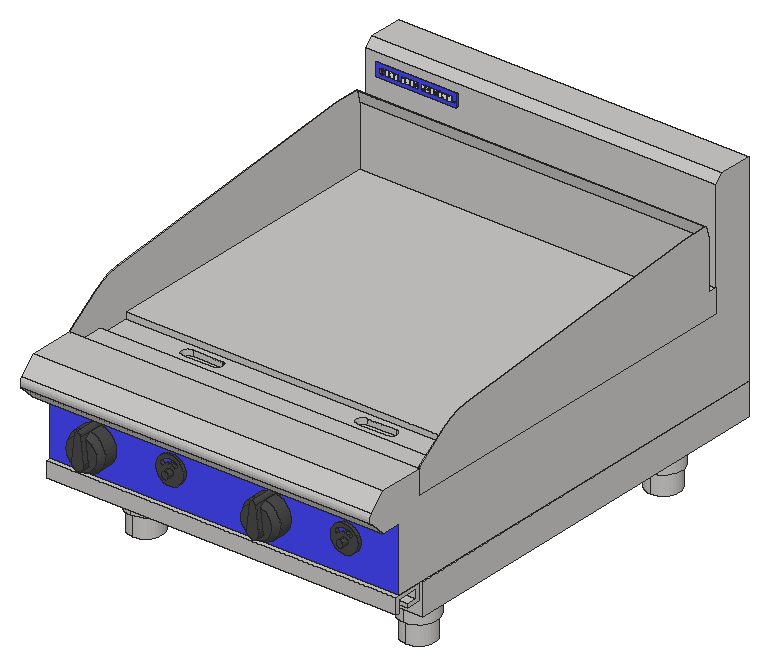
Revit family "QF_MOFFAT_BLUESEAL_CE_G514B-B", category Specialty Equipment, Revit 2012
Parameters
  Width = 600 mm  # constant formula
  Weight in Pounds = 176  # constant formula
  URL Cutsheet = "www.moffat.com"
  URL = "www.moffat.com"
  Type Mark [instance] = ""
  Status [instance] = ""
  Specification by User [instance] = ""
  Specification by Manufacturer = ""
  Show Logo [instance] = yes
  Serial Number = ""
  Seismic Rating = ""
  SMACNA No = ""
  Revision Code [instance] = ""
  Omniclass Number and Title = ""
  NAFEM Spec ID Number = ""
  Model = "G514B-B"
  Mechanical Remarks [instance] = ""
  Mechanical Connection Type [instance] = ""
  Masterspec = ""
  Manufacturer = "MOFFAT BLUESEAL"
  Item Number [instance] = ""
  Installed By [instance] = ""
  Identify Quantity as Lot [instance] = yes
  Height = 485 mm  # constant formula
  Gas Size = 3/4"
  Gas RI Height [instance] = 0 mm
  Gas KW [instance] = 12
  Gas Input [instance] = 40800.0 Btu/h
  Gas Connection Height = 0 mm
  Furnished By [instance] = ""
  Foodservice Equipment Identifier [instance] = yes
  Description = "600MM GAS GRIDDLE PLATE BENCH MOUNT"
  Depth = 812 mm  # constant formula
  CSI MasterFormat = ""
  CSI Master Format = ""
Reference planes
  plane 1 "BACK": y = 0
  plane 2: z = 0
  plane 3 "LEFT": x = 0
  plane 4 "RIGHT": x = 600
  plane 5 "FRONT": y = -812
  plane 6 "TOP": z = 370
  plane 7 "Center Y": x = 300
  plane 8 "Center X": y = -406
  plane 9: z = 485
  plane 10: z = 315
  plane 11: x = 534.5
Forms (mm)
  Revolve 1, solid, material "QF_Finishes_Stainless Steel"
    sketch origin (534.5, -728, 0) x (0, 1, 0) y (0, 0, -1)
      loop
        line (71.25, -85) -> (103, -85) -> (103, 0) -> (75.5, 0) -> (75.5, -35) -> (71.25, -35) -> (71.25, -85)
      axis (103, -85) -> (103, 0)
    angle from 0 to 360
  Revolve 2, solid, material "QF_Finishes_Stainless Steel"
    sketch origin (534.5, -210, 0) x (0, 1, 0) y (0, 0, -1)
      loop
        line (78.25, -85) -> (110, -85) -> (110, 0) -> (82.5, 0) -> (82.5, -35) -> (78.25, -35) -> (78.25, -85)
      axis (110, -85) -> (110, 0)
    angle from 0 to 360
  Revolve 3, solid, material "QF_Finishes_Stainless Steel"
    sketch origin (66, -728, 0) x (0, 1, 0) y (0, 0, 1)
      loop
        line (71.25, 85) -> (71.25, 35) -> (75.5, 35) -> (75.5, 0) -> (103, 0) -> (103, 85) -> (71.25, 85)
      axis (103, 85) -> (103, 0)
    angle from 0 to 360
  Revolve 4, solid, material "QF_Finishes_Stainless Steel"
    sketch origin (66, -210, 0) x (0, 1, 0) y (0, 0, 1)
      loop
        line (78.25, 85) -> (78.25, 35) -> (82.5, 35) -> (82.5, 0) -> (110, 0) -> (110, 85) -> (78.25, 85)
      axis (110, 85) -> (110, 0)
    angle from 0 to 360
  Extrusion 5, solid, material "QF_Finishes_Stainless Steel"
    sketch origin (405, 3, -500) x (1, 0, 0) y (0, 1, 0)
      loop
        circle (65, -35) r 13.5
    from 555 to 585
  Extrusion 6, solid, material "QF_Finishes_Stainless Steel"
    sketch origin (0, 0, 0) x (0, 1, 0) y (0, 0, 1)
      loop
        line (-756, 112.019) -> (-749.6, 112.019) -> (-749.6, 132.806) -> (-712.4, 132.806) -> (-712.4, 118.419) -> (-731, 118.419) -> (-731, 112.019) -> (-706, 112.019) -> (-706, 139.206) -> (-756, 139.206) -> (-756, 112.019)
    from 0 to 600
  Revolve 7, solid, material "QF_Finishes_Black"
    sketch origin (89.999, 7, -0.127) x (0, 1, 0) y (0, 0, -1)
      loop
        line (-789, -229.5) -> (-766, -229.5) -> (-766, -202) -> (-756, -202) -> (-756, -197) -> (-800, -197) -> (-800, -223.651) -> (-789, -229.5)
      axis (-800, -197) -> (-756, -197)
    angle from 0 to 360
  Extrusion 8, solid, material "QF_Finishes_Black"
    sketch origin (228.269, 7, 0.031) x (-1, 0, 0) y (0, 0, -1)
      loop
        line (127.85, -186.163) -> (133.27, -229.082)
        arc (133.27, -229.082) -> (138.269, -233.969) -> (143.267, -229.082) r 5
        line (143.267, -229.082) -> (148.756, -184.996)
        arc (148.756, -184.996) -> (137.684, -174.498) -> (127.85, -186.163) r 10.487
    from 759 to 808
  Extrusion 9, solid, material "QF_Finishes_Stainless Steel"
    sketch origin (0, 0, 0) x (0, 1, 0) y (0, 0, 1)
      loop
        line (-784.97, 250) -> (-749, 250) -> (-749, 140) -> (0, 140) -> (0, 485) -> (-57.5, 485) -> (-70, 472.5) -> (-70, 275) -> (-705, 275) -> (-705, 315) -> (-783.97, 315) -> (-808.498, 290.472)
        arc (-808.498, 290.472) -> (-812.007, 282) -> (-808.498, 273.528) r 11.982
        line (-808.498, 273.528) -> (-784.97, 250)
      loop
        line (0, 85) -> (0, 139.206) -> (-699, 139.206) -> (-699, 85) -> (0, 85)
    from 0 to 600
  Revolve 10, solid, material "QF_Finishes_Black"
    sketch origin (390, 7, -0.127) x (0, 1, 0) y (0, 0, -1)
      loop
        line (-789, -229.5) -> (-766, -229.5) -> (-766, -202) -> (-756, -202) -> (-756, -197) -> (-800, -197) -> (-800, -223.651) -> (-789, -229.5)
      axis (-800, -197) -> (-756, -197)
    angle from 0 to 360
  Extrusion 11, solid, material "QF_Finishes_Black"
    sketch origin (528.269, 7, 0.031) x (-1, 0, 0) y (0, 0, -1)
      loop
        line (127.85, -186.163) -> (133.271, -229.082)
        arc (133.271, -229.082) -> (138.269, -233.969) -> (143.268, -229.082) r 5
        line (143.268, -229.082) -> (148.757, -184.996)
        arc (148.757, -184.996) -> (137.685, -174.498) -> (127.85, -186.163) r 10.487
    from 759 to 808
  Extrusion 12, solid, material "QF_Finishes_Black"
    sketch origin (0, -749, 266) x (0, 0, -1) y (1, 0, 0)
      loop
        circle (69, 210) r 23.9
      loop
        arc (61.641, 218.419) -> (62.501, 223.219) -> (57.701, 224.079) r 3.448
        arc (57.701, 224.079) -> (51.116, 209.341) -> (58.919, 195.209) r 18.095
        arc (58.919, 195.209) -> (63.641, 196.491) -> (62.326, 201.204) r 3.448
        arc (62.326, 201.204) -> (58.758, 209.683) -> (61.641, 218.419) r 13.109
      loop
        circle (69, 510) r 23.9
      loop
        arc (61.641, 518.419) -> (62.501, 523.219) -> (57.701, 524.079) r 3.448
        arc (57.701, 524.079) -> (51.116, 509.341) -> (58.919, 495.209) r 18.095
        arc (58.919, 495.209) -> (63.641, 496.491) -> (62.326, 501.204) r 3.448
        arc (62.326, 501.204) -> (58.758, 509.683) -> (61.641, 518.419) r 13.109
    from 0 to 5
  Extrusion 13, solid, material "QF_Finishes_Black"
    sketch origin (0, -754, 266) x (0, 0, -1) y (1, 0, 0)
      loop
        circle (72.5, 210) r 5.75
      loop
        circle (72.5, 510) r 5.75
    from 0 to 10
Lines and regions (mm)
  Split face 1
    outline origin (0, 0, 485) x (0, -1, 0) y (1, 0, 0)
      loop
        arc (18.185, 336.013) -> (23.185, 327.353) -> (33.185, 327.353) r 10
        line (33.185, 327.353) -> (40.185, 331.394)
        arc (40.185, 331.394) -> (43.845, 335.055) -> (45.185, 340.055) r 10
        line (45.185, 340.055) -> (45.185, 568.013)
        arc (45.185, 568.013) -> (40.185, 576.674) -> (30.185, 576.674) r 10
        line (30.185, 576.674) -> (23.185, 572.632)
        arc (23.185, 572.632) -> (19.525, 568.972) -> (18.185, 563.972) r 10
        line (18.185, 563.972) -> (18.185, 336.013)
  Split face 2
    outline origin (-300, 0, 485) x (0, -1, 0) y (1, 0, 0)
      loop
        arc (18.185, 336.013) -> (23.185, 327.353) -> (33.185, 327.353) r 10
        line (33.185, 327.353) -> (40.185, 331.394)
        arc (40.185, 331.394) -> (43.845, 335.055) -> (45.185, 340.055) r 10
        line (45.185, 340.055) -> (45.185, 568.013)
        arc (45.185, 568.013) -> (40.185, 576.674) -> (30.185, 576.674) r 10
        line (30.185, 576.674) -> (23.185, 572.632)
        arc (23.185, 572.632) -> (19.525, 568.972) -> (18.185, 563.972) r 10
        line (18.185, 563.972) -> (18.185, 336.013)
  symbolic lines
    curve 1: line (0, 0, 0) -> (0, -812, 0)
    curve 2: line (600, 0, 0) -> (0, 0, 0)
    curve 3: line (600, -812, 0) -> (600, 0, 0)
    curve 4: line (0, -70, 0) -> (600, -70, 0)
    curve 5: line (0, -812, 0) -> (600, -812, 0)
    curve 6: line (600, -705, 0) -> (0, -705, 0)
    curve 7: line (36.013, -18.185, 0) -> (263.972, -18.185, 0)
    curve 8: arc (263.972, -18.185, 0) -> (268.972, -19.525, 0) -> (272.632, -23.185, 0) r 10
    curve 9: line (272.632, -23.185, 0) -> (276.674, -30.185, 0)
    curve 10: arc (276.674, -30.185, 0) -> (276.674, -40.185, 0) -> (268.013, -45.185, 0) r 10
    curve 11: line (268.013, -45.185, 0) -> (40.055, -45.185, 0)
    curve 12: arc (40.055, -45.185, 0) -> (35.055, -43.845, 0) -> (31.394, -40.185, 0) r 10
    curve 13: line (31.394, -40.185, 0) -> (27.353, -33.185, 0)
    curve 14: arc (27.353, -33.185, 0) -> (27.353, -23.185, 0) -> (36.013, -18.185, 0) r 10
    curve 15: line (336.013, -18.185, 0) -> (563.972, -18.185, 0)
    curve 16: arc (563.972, -18.185, 0) -> (568.972, -19.525, 0) -> (572.632, -23.185, 0) r 10
    curve 17: line (572.632, -23.185, 0) -> (576.674, -30.185, 0)
    curve 18: arc (576.674, -30.185, 0) -> (576.674, -40.185, 0) -> (568.013, -45.185, 0) r 10
    curve 19: line (568.013, -45.185, 0) -> (340.055, -45.185, 0)
    curve 20: arc (340.055, -45.185, 0) -> (335.055, -43.845, 0) -> (331.394, -40.185, 0) r 10
    curve 21: line (331.394, -40.185, 0) -> (327.353, -33.185, 0)
    curve 22: arc (327.353, -33.185, 0) -> (327.353, -23.185, 0) -> (336.013, -18.185, 0) r 10
Dimensions and locks
  equal spacing: plane 3 "LEFT", plane 7 "Center Y", plane 4 "RIGHT"
  "Width": plane 3 "LEFT" to plane 4 "RIGHT"
  equal spacing: plane 5 "FRONT", plane 8 "Center X", plane 1 "BACK"
  "Depth": plane 5 "FRONT" to plane 1 "BACK"
  equal spacing: plane 4 "RIGHT", plane 7 "Center Y", plane 3 "LEFT"
  plane 4 "RIGHT" to plane 3 "LEFT" = 600 mm
  Extrusion 5 to level = 55 mm
  Extrusion 5 to plane 1 "BACK" = 32 mm
  plane 5 "FRONT" to plane 1 "BACK" = 812 mm
  "Height": plane 9 to level
  plane 10 to level = 315 mm
  Extrusion 5 sketch curve to plane 1 "BACK" = 32 mm
  aligned and locked: level to plane 2
  aligned and locked: curve 3 to plane 4 "RIGHT"
Automatic sketch dimensions
  Revolve 1 sketch curve to level = 0 mm
  level to Revolve 1 sketch curve = 35 mm
  Revolve 1 sketch curve to plane 5 "FRONT" = 155.25 mm
  Revolve 1 sketch curve to Revolve 1 sketch curve = 4.25 mm
  Revolve 1 sketch curve to Revolve 1 sketch curve = 27.5 mm
  Revolve 1 sketch curve to Revolve 1 sketch curve = 0 mm
  Revolve 1 sketch curve to Revolve 1 sketch curve = 15 mm
  Revolve 1 sketch curve to Revolve 1 sketch curve = 35 mm
  Revolve 1 sketch curve to Revolve 1 sketch curve = 55 mm
  Revolve 2 sketch curve to level = 0 mm
  level to Revolve 2 sketch curve = 35 mm
  plane 1 "BACK" to Revolve 2 sketch curve = 131.75 mm
  Revolve 2 sketch curve to Revolve 2 sketch curve = 4.25 mm
  Revolve 2 sketch curve to Revolve 2 sketch curve = 27.5 mm  (x2)
  Revolve 2 sketch curve to Revolve 2 sketch curve = 15 mm
  Revolve 2 sketch curve to Revolve 2 sketch curve = 35 mm
  Revolve 2 sketch curve to Revolve 2 sketch curve = 55 mm
  Revolve 3 sketch curve to level = 0 mm
  level to Revolve 3 sketch curve = 35 mm
  Revolve 3 sketch curve to plane 5 "FRONT" = 155.25 mm
  Revolve 3 sketch curve to Revolve 3 sketch curve = 4.25 mm
  Revolve 3 sketch curve to Revolve 3 sketch curve = 27.5 mm  (x2)
  Revolve 3 sketch curve to Revolve 3 sketch curve = 55 mm
  Revolve 3 sketch curve to Revolve 3 sketch curve = 15 mm
  Revolve 3 sketch curve to Revolve 3 sketch curve = 35 mm
  Revolve 4 sketch curve to level = 0 mm
  level to Revolve 4 sketch curve = 35 mm
  plane 1 "BACK" to Revolve 4 sketch curve = 131.75 mm
  Revolve 4 sketch curve to Revolve 4 sketch curve = 4.25 mm
  Revolve 4 sketch curve to Revolve 4 sketch curve = 27.5 mm  (x2)
  Revolve 4 sketch curve to Revolve 4 sketch curve = 55 mm
  Revolve 4 sketch curve to Revolve 4 sketch curve = 15 mm
  Revolve 4 sketch curve to Revolve 4 sketch curve = 35 mm
  Extrusion 6 sketch curve to plane 5 "FRONT" = 56 mm
  Extrusion 6 sketch curve to Extrusion 6 sketch curve = 6.4 mm  (x4)
  Extrusion 6 sketch curve to Extrusion 6 sketch curve = 18.6 mm  (x2)
  level to Extrusion 6 sketch curve = 112.019 mm
  Extrusion 6 sketch curve to Extrusion 6 sketch curve = 0 mm
  Extrusion 6 sketch curve to Extrusion 6 sketch curve = 20.787 mm
  Revolve 7 sketch curve to plane 5 "FRONT" = 19 mm
  Revolve 7 sketch curve to Revolve 7 sketch curve = 0 mm  (x2)
  Revolve 7 sketch curve to Revolve 7 sketch curve = 11 mm
  Revolve 7 sketch curve to Revolve 7 sketch curve = 12.7 mm
  Revolve 7 sketch curve to Revolve 7 sketch curve = 23 mm
  Revolve 7 sketch curve to Revolve 7 sketch curve = 10 mm
  Revolve 7 sketch curve to plane 10 = 85.627 mm
  Revolve 7 sketch curve to Revolve 7 sketch curve = 5.849 mm
  Revolve 7 sketch curve to Revolve 7 sketch curve = 27.5 mm
  Revolve 7 sketch curve to Revolve 7 sketch curve = 5 mm
  Extrusion 9 sketch curve to plane 10 = 0 mm
  plane 9 to Extrusion 9 sketch curve = 0 mm
  Extrusion 9 sketch curve to plane 1 "BACK" = 0 mm  (x2)
  plane 1 "BACK" to Extrusion 9 sketch curve = 57.5 mm
  plane 9 to Extrusion 9 sketch curve = 12.5 mm
  Extrusion 9 sketch curve to Extrusion 9 sketch curve = 12.5 mm
  Extrusion 9 sketch curve to plane 5 "FRONT" = 113 mm
  Extrusion 9 sketch curve to plane 5 "FRONT" = 107 mm
  Extrusion 9 sketch curve to Extrusion 9 sketch curve = 50 mm
  Extrusion 9 sketch curve to plane 5 "FRONT" = 28.03 mm
  Extrusion 9 sketch curve to plane 5 "FRONT" = 27.03 mm
  Extrusion 9 sketch curve to plane 5 "FRONT" = 11.975 mm
  Extrusion 9 sketch curve to plane 5 "FRONT" = 3.502 mm  (x2)
  Extrusion 9 sketch curve to plane 10 = 24.528 mm
  Extrusion 9 sketch curve to Extrusion 9 sketch curve = 8.472 mm
  Extrusion 9 sketch curve to Extrusion 9 sketch curve = 40 mm
  Extrusion 9 sketch curve to Extrusion 9 sketch curve = 23.528 mm
  Extrusion 9 sketch curve to Extrusion 9 sketch curve = 110 mm
  Extrusion 9 sketch curve to Extrusion 9 sketch curve = 0.794 mm
  Extrusion 9 sketch curve to Extrusion 9 sketch curve = 54.206 mm
  Split face 1 sketch curve to Extrusion 9 = 18.185 mm
  Split face 1 sketch curve to Split face 1 sketch curve = 5 mm  (x2)
  Split face 1 sketch curve to Split face 1 sketch curve = 10 mm  (x3)
  Split face 1 sketch curve to Split face 1 sketch curve = 7 mm  (x4)
  Split face 1 sketch curve to Extrusion 9 = 272.647 mm
  Split face 1 sketch curve to Split face 1 sketch curve = 4.041 mm  (x2)
  Split face 1 sketch curve to Extrusion 9 = 36.028 mm
  Split face 2 sketch curve to Extrusion 9 = 18.185 mm
  Split face 2 sketch curve to Split face 2 sketch curve = 5 mm  (x2)
  Split face 2 sketch curve to Split face 2 sketch curve = 10 mm  (x3)
  Split face 2 sketch curve to Split face 2 sketch curve = 7 mm  (x4)
  Split face 2 sketch curve to Extrusion 9 = 27.353 mm
  Split face 2 sketch curve to Split face 2 sketch curve = 4.041 mm  (x2)
  Split face 2 sketch curve to Split face 2 sketch curve = 223.917 mm
  Revolve 10 sketch curve to plane 5 "FRONT" = 19 mm
  Revolve 10 sketch curve to Revolve 10 sketch curve = 0 mm  (x2)
  Revolve 10 sketch curve to Revolve 10 sketch curve = 11 mm
  Revolve 10 sketch curve to Revolve 10 sketch curve = 12.7 mm
  Revolve 10 sketch curve to Revolve 10 sketch curve = 23 mm
  Revolve 10 sketch curve to Revolve 10 sketch curve = 10 mm
  Revolve 10 sketch curve to plane 10 = 85.627 mm
  Revolve 10 sketch curve to Revolve 10 sketch curve = 5.849 mm
  Revolve 10 sketch curve to Revolve 10 sketch curve = 27.5 mm
  Revolve 10 sketch curve to Revolve 10 sketch curve = 5 mm
  plane 1 "BACK" to curve 1 = 0 mm
  curve 1 to plane 3 "LEFT" = 0 mm
  plane 5 "FRONT" to curve 3 = 0 mm
  plane 3 "LEFT" to curve 14 = 27.353 mm
  curve 14 to curve 12 = 4.041 mm
  curve 14 to curve 7 = 8.66 mm
  curve 13 to curve 12 = 8.66 mm
  curve 8 to plane 7 "Center Y" = 36.028 mm
  curve 8 to curve 10 = 4.041 mm
  curve 7 to curve 8 = 8.66 mm
  curve 9 to curve 9 = 4.041 mm
  plane 7 "Center Y" to curve 22 = 27.353 mm
  curve 21 to curve 20 = 4.041 mm
  curve 22 to curve 22 = 8.66 mm
  curve 21 to curve 19 = 8.66 mm
  curve 16 to curve 18 = 4.041 mm
  curve 15 to curve 17 = 8.66 mm
  curve 16 to curve 17 = 4.041 mm
  plane 1 "BACK" to curve 11 = 45.185 mm
  curve 4 to curve 19 = 24.815 mm
  curve 19 to curve 20 = 5 mm
  curve 12 to curve 13 = 5 mm
  curve 19 to curve 18 = 10 mm
  curve 10 to curve 10 = 10 mm
  curve 20 to curve 22 = 7 mm  (x2)
  curve 12 to curve 13 = 7 mm
  curve 12 to curve 14 = 7 mm
  curve 10 to curve 8 = 7 mm
  curve 18 to curve 16 = 7 mm
  curve 4 to curve 12 = 29.815 mm
  curve 6 to plane 5 "FRONT" = 107 mm
  Extrusion 8 sketch curve to Extrusion 8 sketch curve = 10.419 mm
  Extrusion 8 sketch curve to Extrusion 8 sketch curve = 4.999 mm  (x2)
  Extrusion 8 sketch curve to Extrusion 8 sketch curve = 10.487 mm
  Extrusion 8 sketch curve to plane 10 = 85.887 mm
  Extrusion 8 sketch curve to Extrusion 8 sketch curve = 0.113 mm
  Extrusion 8 sketch curve to Extrusion 8 sketch curve = 42.919 mm
  Extrusion 8 sketch curve to Extrusion 8 sketch curve = 1.167 mm
  plane 7 "Center Y" to Extrusion 11 sketch curve = 100.419 mm
  Extrusion 11 sketch curve to Extrusion 11 sketch curve = 5.421 mm
  Extrusion 11 sketch curve to Extrusion 11 sketch curve = 10.419 mm
  Extrusion 11 sketch curve to Extrusion 11 sketch curve = 4.999 mm  (x2)
  Extrusion 11 sketch curve to Extrusion 11 sketch curve = 10.487 mm
  Extrusion 11 sketch curve to plane 10 = 85.887 mm
  Extrusion 11 sketch curve to Extrusion 11 sketch curve = 0.113 mm
  Extrusion 11 sketch curve to Extrusion 11 sketch curve = 42.919 mm
  Extrusion 11 sketch curve to Extrusion 11 sketch curve = 1.167 mm
  Extrusion 9 to Extrusion 12 sketch curve = 41.701 mm  (x2)
  Extrusion 12 sketch curve to Extrusion 12 sketch curve = 1.218 mm  (x2)
  Extrusion 12 sketch curve to Extrusion 12 sketch curve = 1.97 mm  (x4)
  Extrusion 12 sketch curve to Extrusion 12 sketch curve = 1.724 mm  (x2)
  Extrusion 12 sketch curve to Extrusion 12 sketch curve = 1.683 mm  (x2)
  Extrusion 12 sketch curve to Extrusion 12 sketch curve = 6.674 mm  (x2)
  Extrusion 12 sketch curve to Extrusion 12 sketch curve = 0.195 mm  (x2)
  Extrusion 12 sketch curve to Extrusion 12 sketch curve = 2.662 mm  (x2)
  Extrusion 9 to Extrusion 12 sketch curve = 195.209 mm
  Extrusion 12 sketch curve to Extrusion 12 sketch curve = 2.986 mm  (x2)
  Extrusion 12 sketch curve to Extrusion 12 sketch curve = 8.796 mm  (x2)
  Extrusion 12 sketch curve to Extrusion 12 sketch curve = 0.103 mm  (x2)
  Extrusion 12 sketch curve to Extrusion 12 sketch curve = 0.102 mm  (x2)
  Extrusion 9 to Extrusion 12 sketch curve = 104.791 mm
  plane 4 "RIGHT" to curve 16 = 36.028 mm
  plane 4 "RIGHT" to Extrusion 5 sketch curve = 130 mm
  plane 3 "LEFT" to Extrusion 8 sketch curve = 100.419 mm
  Extrusion 8 sketch curve to Extrusion 8 sketch curve = 5.421 mm
  radius of Extrusion 5 sketch curve = 13.5 mm
  radius of Extrusion 12 sketch curve = 23.9 mm  (x2)
Nested families
  nested 1: "WALDORF LOGO_FACE BASE" at (18.6, -70, 458.604) x (1, 0, 0) z (0, -1, 0), visible <- "Show Logo", type "WALDORF LOGO_FACE BASE", detail levels medium+fine
    with Show Logo yes
  nested 2: "GAS GRIDDLE PLATE 600" at (0, -85, 274.5), type "GAS GRIDDLE PLATE 600"
    with Width 600 mm, Type Mark "", Status "", Specification by User "", Revision Code "", Item Number "", Installed By "", Identify Quantity as Lot yes, Furnished By "", Foodservice Equipment Identifier yes, Depth 620 mm
Connectors
  piping at (470, -32, 55)
    settings: on Extrusion 5, index 1, connector radius 0.37402", flow factor 0, pipe flow 0 GPM, pressure drop 0.00 psi, fitting loss kfactor 0, connector angle 0.00°, fixture units 0, engagement length 0 mm, flow configuration 1, flow direction 1, fitting loss method 0, system type 7, joint type 0, gender type 0, connector reference index -1, connector utility 0, adjustable connector no, is connector primary yes, fitting loss table "", connector description "GAS CONNECTION"
Definition of nested family "WALDORF LOGO_FACE BASE"
  Parameters (values of type "WALDORF LOGO_FACE BASE")
    Show Logo [instance] = yes
    Default Elevation = 1219.2 mm
  Reference planes
    plane 1 "Center (Front/Back)": y = 0
    plane 2: z = 0
    plane 3 "Center (Left/Right)": x = 0
  Forms (mm)
    Extrusion 1, solid
      sketch origin (0, 0, 0) x (1, 0, 0) y (0, 1, 0)
        loop
          line (-1219.2, 1219.2) -> (-1219.2, -1219.2) -> (1219.2, -1219.2) -> (1219.2, 1219.2) -> (-1219.2, 1219.2)
      from 0 to -304.8
    Extrusion 2, solid, material "QF_Finishes_Blue", visible <- "Show Logo"
      sketch origin (0, -33.217, 0) x (1, 0, 0) y (0, 1, 0)
        loop
          arc (138, 31.942) -> (137.626, 32.844) -> (136.724, 33.217) r 1.276
          line (136.724, 33.217) -> (1.29, 33.217)
          arc (1.29, 33.217) -> (0.378, 32.839) -> (0, 31.927) r 1.29
          line (0, 31.927) -> (0, 11.507)
          arc (0, 11.507) -> (0.378, 10.595) -> (1.29, 10.217) r 1.29
          line (1.29, 10.217) -> (136.71, 10.217)
          arc (136.71, 10.217) -> (137.622, 10.595) -> (138, 11.507) r 1.29
          line (138, 11.507) -> (138, 31.942)
      from 0 to 1.588
    Extrusion 3, solid, material "QF_Finishes_White", visible <- "Show Logo"
      sketch origin (0, -33.217, 1.588) x (1, 0, 0) y (0, 1, 0)
        loop
          arc (108.946, 25.919) -> (107.613, 25.367) -> (107.061, 24.034) r 1.885
          line (107.061, 24.034) -> (107.061, 17.211) -> (112.704, 17.211) -> (112.704, 19.129) -> (115.546, 19.129) -> (115.546, 17.211) -> (121.584, 17.211) -> (121.584, 24.075)
          arc (121.584, 24.075) -> (121.043, 25.379) -> (119.739, 25.919) r 1.845
          line (119.739, 25.919) -> (108.946, 25.919)
        loop
          line (123.478, 25.919) -> (123.478, 17.163) -> (134.904, 17.163) -> (134.904, 19.129) -> (129.246, 19.129) -> (129.246, 25.919) -> (123.478, 25.919)
        loop
          line (112.704, 21.258) -> (115.546, 21.258) -> (115.546, 22.702)
          arc (115.546, 22.702) -> (115.344, 23.188) -> (114.858, 23.389) r 0.687
          line (114.858, 23.389) -> (113.363, 23.389)
          arc (113.363, 23.389) -> (112.897, 23.196) -> (112.704, 22.73) r 0.658
          line (112.704, 22.73) -> (112.704, 21.258)
        loop
          line (105.071, 25.919) -> (93.771, 25.919) -> (93.771, 17.163) -> (105.071, 17.163) -> (105.071, 19.063) -> (99.535, 19.063) -> (99.535, 20.437) -> (105.071, 20.437) -> (105.071, 22.278) -> (99.535, 22.278) -> (99.535, 23.587) -> (105.071, 23.587) -> (105.071, 25.919)
        loop
          line (91.104, 25.919) -> (79.541, 25.919)
          arc (79.541, 25.919) -> (78.558, 25.513) -> (78.152, 24.53) r 1.389
          line (78.152, 24.53) -> (78.152, 22.08)
          arc (78.152, 22.08) -> (78.558, 21.098) -> (79.541, 20.691) r 1.389
          line (79.541, 20.691) -> (86.346, 20.691) -> (86.346, 18.864) -> (83.266, 18.864) -> (83.266, 19.664) -> (78.152, 19.664) -> (78.152, 18.553)
          arc (78.152, 18.553) -> (78.558, 17.57) -> (79.541, 17.163) r 1.389
          line (79.541, 17.163) -> (91.063, 17.163)
          arc (91.063, 17.163) -> (92.045, 17.57) -> (92.452, 18.553) r 1.389
          line (92.452, 18.553) -> (92.452, 20.691)
          arc (92.452, 20.691) -> (92.045, 21.673) -> (91.063, 22.08) r 1.389
          line (91.063, 22.08) -> (83.266, 22.08) -> (83.266, 23.984) -> (86.346, 23.984) -> (86.346, 22.743) -> (92.452, 22.743) -> (92.452, 24.571)
          arc (92.452, 24.571) -> (92.057, 25.524) -> (91.104, 25.919) r 1.348
        loop
          line (70.705, 25.919) -> (59.405, 25.919) -> (59.405, 17.163) -> (70.705, 17.163) -> (70.705, 19.063) -> (65.169, 19.063) -> (65.169, 20.437) -> (70.705, 20.437) -> (70.705, 22.278) -> (65.169, 22.278) -> (65.169, 23.587) -> (70.705, 23.587) -> (70.705, 25.919)
        loop
          line (57.598, 25.919) -> (51.7, 25.919) -> (51.7, 20.18)
          arc (51.7, 20.18) -> (50.63, 19.11) -> (49.56, 20.18) r 1.07
          line (49.56, 20.18) -> (49.56, 25.919) -> (43.663, 25.919) -> (43.663, 19.049)
          arc (43.663, 19.049) -> (44.215, 17.716) -> (45.548, 17.163) r 1.885
          line (45.548, 17.163) -> (55.71, 17.163)
          arc (55.71, 17.163) -> (57.045, 17.716) -> (57.598, 19.051) r 1.887
          line (57.598, 19.051) -> (57.598, 25.919)
        loop
          line (31.62, 25.919) -> (31.62, 17.163) -> (43.046, 17.163) -> (43.046, 19.129) -> (37.388, 19.129) -> (37.388, 25.919) -> (31.62, 25.919)
        loop
          line (15.969, 25.919) -> (15.969, 17.163) -> (28.693, 17.163)
          arc (28.693, 17.163) -> (29.812, 17.627) -> (30.276, 18.746) r 1.582
          line (30.276, 18.746) -> (30.276, 20.447) -> (29.48, 21.243) -> (30.276, 22.039) -> (30.276, 24.332)
          arc (30.276, 24.332) -> (29.811, 25.454) -> (28.688, 25.919) r 1.587
          line (28.688, 25.919) -> (15.969, 25.919)
        loop
          line (21.449, 24.159) -> (21.449, 22.436) -> (23.862, 22.436)
          arc (23.862, 22.436) -> (24.723, 23.298) -> (23.862, 24.159) r 0.861
          line (23.862, 24.159) -> (21.449, 24.159)
        loop
          line (21.449, 20.244) -> (21.449, 18.522) -> (23.862, 18.522)
          arc (23.862, 18.522) -> (24.723, 19.383) -> (23.862, 20.244) r 0.861
          line (23.862, 20.244) -> (21.449, 20.244)
      from 0 to 0.2
    Extrusion 4, solid, material "QF_Finishes_Blue", visible <- "Show Logo"
      sketch origin (-126.498, -31.09, 1.588) x (1, 0, 0) y (0, 1, 0)
        loop
          line (136.738, 23.522) -> (136.738, 15.1)
          arc (136.738, 15.1) -> (140.756, 19.311) -> (136.738, 23.522) r 4.216
      from 0 to 0.2
    Extrusion 5, solid, material "QF_Finishes_Red", visible <- "Show Logo"
      sketch origin (146.849, -31.09, 1.588) x (-1, 0, 0) y (0, -1, 0)
        loop
          arc (136.738, -23.522) -> (140.756, -19.311) -> (136.738, -15.1) r 4.216
          line (136.738, -15.1) -> (136.738, -23.522)
      from 0 to 0.2
  Lines and regions (mm)
    Split face 1
      outline origin (-90.35, -30.793, 1.588) x (1, 0, 0) y (0, 1, 0)
        loop
          circle (100.54, 19.013) r 4.536
  Dimensions and locks
    aligned and locked: plane 2 to Extrusion 1
    aligned and locked: level to Extrusion 1
Definition of nested family "GAS GRIDDLE PLATE 600"
  Parameters (values of type "GAS GRIDDLE PLATE 600")
    Width [instance] = 600 mm
    Weight in Pounds = 0
    URL Cutsheet = ""
    Type Mark [instance] = ""
    Status [instance] = ""
    Specification by User [instance] = ""
    Specification by Manufacturer = ""
    Serial Number = ""
    Seismic Rating = ""
    SMACNA No = ""
    Revision Code [instance] = ""
    Omniclass Number and Title = ""
    NAFEM Spec ID Number = ""
    Masterspec = ""
    Item Number [instance] = ""
    Installed By [instance] = ""
    Identify Quantity as Lot [instance] = yes
    Furnished By [instance] = ""
    Foodservice Equipment Identifier [instance] = yes
    Depth [instance] = 620 mm
    CSI MasterFormat = ""
    CSI Master Format = ""
  Reference planes
    plane 1 "BACK": y = 0
    plane 2: z = 0
    plane 3 "LEFT": x = 0
    plane 4 "RIGHT": x = 600
    plane 5 "FRONT": y = -620
    plane 6 "TOP": z = 142.5
    plane 7 "Center Y": x = 300
    plane 8 "Center X": y = -310
    plane 9: y = -530.997
    plane 10: y = -541.497
    plane 11: y = -503.25
    plane 12: y = -557.737
  Forms (mm)
    Extrusion 1, solid, material "QF_Finishes_Stainless Steel"
      sketch origin (0, 70.003, -874.5) x (0, 1, 0) y (0, 0, 1)
        loop
          line (-70, 875) -> (-70, 997.489) -> (-75.228, 1017) -> (-117.24, 1017) -> (-589.533, 971.523)
          arc (-589.533, 971.523) -> (-614.56, 965.803) -> (-637.306, 953.899) r 100
          line (-637.306, 953.899) -> (-690.003, 917) -> (-690.003, 875) -> (-70, 875)
      from 0 to 1.8
    Extrusion 2, solid, material "QF_Finishes_Stainless Steel"
      sketch origin (600, 70.003, -874.5) x (0, -1, 0) y (0, 0, 1)
        loop
          line (70, 875) -> (690.003, 875) -> (690.003, 917) -> (637.306, 953.899)
          arc (637.306, 953.899) -> (614.56, 965.803) -> (589.533, 971.523) r 100
          line (589.533, 971.523) -> (117.24, 1017) -> (75.228, 1017) -> (70, 997.489) -> (70, 875)
      from 0 to 1.2
    Extrusion 3, solid, material "QF_Finishes_Stainless Steel"
      sketch origin (150, 70.003, -874.5) x (0, 1, 0) y (0, 0, 1)
        loop
          line (-70, 894.5) -> (-573.253, 894.5) -> (-573.253, 884) -> (-627.74, 884) -> (-627.74, 894.5) -> (-690.003, 894.5) -> (-690.003, 874.5) -> (-55, 874.5) -> (-55, 914.5) -> (-70, 914.5) -> (-70, 894.5)
      from -150 to 450
    Extrusion 4, void
      sketch origin (150, -541.497, 10) x (0, -1, 0) y (1, 0, 0)
        loop
          arc (-7.497, 25) -> (-17.497, 35) -> (-27.497, 25) r 10
          line (-27.497, 25) -> (-27.497, -25)
          arc (-27.497, -25) -> (-17.497, -35) -> (-7.497, -25) r 10
          line (-7.497, -25) -> (-7.497, 25)
        loop
          arc (-7.497, 325) -> (-17.497, 335) -> (-27.497, 325) r 10
          line (-27.497, 325) -> (-27.497, 275)
          arc (-27.497, 275) -> (-17.497, 265) -> (-7.497, 275) r 10
          line (-7.497, 275) -> (-7.497, 325)
      from -41.4 to 40.142
    Extrusion 5, solid, material "QF_Finishes_Stainless Steel"
      sketch origin (0, 70.003, -874.5) x (0, 1, 0) y (0, 0, 1)
        loop
          line (-70, 875) -> (-70, 997.489) -> (-75.228, 1017) -> (-76.884, 1017) -> (-71.6, 997.278) -> (-71.6, 875) -> (-70, 875)
      from 0 to 598.8
  Cuts and joins
    Extrusion 4 cuts Extrusion 3
    joined: Extrusion 1, Extrusion 2, Extrusion 3, Extrusion 5
  Lines and regions (mm)
    symbolic lines
      curve 1: line (598.8, -503.25, 0) -> (0, -503.25, 0)
      curve 2: line (1.8, -557.737, 0) -> (598.8, -557.737, 0)
      curve 3: line (0, -620, 0) -> (600, -620, 0)
      curve 4: line (175, -534, 0) -> (125, -534, 0)
      curve 5: arc (125, -534, 0) -> (115, -524, 0) -> (125, -514, 0) r 10
      curve 6: line (125, -514, 0) -> (175, -514, 0)
      curve 7: arc (175, -514, 0) -> (185, -524, 0) -> (175, -534, 0) r 10
      curve 8: arc (425, -514, 0) -> (415, -524, 0) -> (425, -534, 0) r 10
      curve 9: line (425, -534, 0) -> (475, -534, 0)
      curve 10: arc (475, -534, 0) -> (485, -524, 0) -> (475, -514, 0) r 10
      curve 11: line (475, -514, 0) -> (425, -514, 0)
      curve 12: line (600, -5.225, 0) -> (0, -5.225, 0)
      curve 13: line (0, -5.225, 0) -> (0, -620, 0)
      curve 14: line (600, -620, 0) -> (600, -5.225, 0)
  Dimensions and locks
    equal spacing: plane 3 "LEFT", plane 7 "Center Y", plane 4 "RIGHT"
    "Width": plane 3 "LEFT" to plane 4 "RIGHT"
    equal spacing: plane 5 "FRONT", plane 8 "Center X", plane 1 "BACK"
    "Depth": plane 5 "FRONT" to plane 1 "BACK"
    locked: Extrusion 2 to Extrusion 2 at 1.2
    Extrusion 4 sketch curve to Extrusion 4 sketch curve to plane 7 "Center Y" = 50 mm locked, 125 mm locked  (x2)
    aligned and locked: level to plane 2
    aligned and locked: Extrusion 2 to plane 4 "RIGHT"
    aligned and locked: curve 1 to plane 11
    aligned and locked: plane 12 to curve 2
    aligned and locked: Extrusion 5 to cut or joined group of Extrusion 1, Extrusion 2, Extrusion 3, Extrusion 4, Extrusion 5
    aligned and locked: cut or joined group of Extrusion 1, Extrusion 2, Extrusion 3, Extrusion 4, Extrusion 5 to plane 4 "RIGHT"
    aligned and locked: curve 5 to cut or joined group of Extrusion 1, Extrusion 2, Extrusion 3, Extrusion 4, Extrusion 5
    aligned and locked: curve 7 to cut or joined group of Extrusion 1, Extrusion 2, Extrusion 3, Extrusion 4, Extrusion 5
    aligned and locked: cut or joined group of Extrusion 1, Extrusion 2, Extrusion 3, Extrusion 4, Extrusion 5 to plane 3 "LEFT"
  Automatic sketch dimensions
    Extrusion 1 sketch curve to plane 5 "FRONT" = 0 mm
    Extrusion 1 sketch curve to plane 6 "TOP" = 0 mm
    plane 12 to Extrusion 1 sketch curve = 9.566 mm
    plane 11 to Extrusion 1 sketch curve = 16.28 mm
    Extrusion 1 sketch curve to level = 2.516 mm
    plane 11 to Extrusion 1 sketch curve = 6.695 mm
    plane 1 "BACK" to Extrusion 1 sketch curve = 47.237 mm
    plane 1 "BACK" to Extrusion 1 sketch curve = 5.225 mm
    Extrusion 1 sketch curve to plane 1 "BACK" = 0.003 mm
    level to Extrusion 1 sketch curve = 0.5 mm
    Extrusion 1 sketch curve to Extrusion 1 sketch curve = 42 mm
    Extrusion 1 sketch curve to plane 6 "TOP" = 63.101 mm
    Extrusion 1 sketch curve to plane 6 "TOP" = 19.511 mm
    Extrusion 2 sketch curve to plane 6 "TOP" = 0 mm
    Extrusion 2 sketch curve to plane 5 "FRONT" = 0 mm
    plane 12 to Extrusion 2 sketch curve = 9.566 mm
    plane 11 to Extrusion 2 sketch curve = 16.28 mm
    Extrusion 2 sketch curve to level = 2.516 mm
    plane 11 to Extrusion 2 sketch curve = 6.695 mm
    plane 1 "BACK" to Extrusion 2 sketch curve = 47.237 mm
    plane 1 "BACK" to Extrusion 2 sketch curve = 5.225 mm
    Extrusion 2 sketch curve to plane 1 "BACK" = 0.003 mm
    level to Extrusion 2 sketch curve = 0.5 mm
    Extrusion 2 sketch curve to Extrusion 2 sketch curve = 42 mm
    Extrusion 2 sketch curve to plane 6 "TOP" = 63.101 mm
    Extrusion 2 sketch curve to plane 6 "TOP" = 19.511 mm
    plane 1 "BACK" to Extrusion 5 sketch curve = 5.225 mm
    Extrusion 5 sketch curve to plane 1 "BACK" = 0.003 mm
    Extrusion 5 sketch curve to plane 6 "TOP" = 19.511 mm
    Extrusion 5 sketch curve to Extrusion 5 sketch curve = 1.6 mm
    Extrusion 5 sketch curve to Extrusion 5 sketch curve = 0.211 mm
    Extrusion 5 sketch curve to plane 6 "TOP" = 0 mm
    Extrusion 5 sketch curve to Extrusion 5 sketch curve = 1.656 mm
    level to Extrusion 5 sketch curve = 0.5 mm
    plane 11 to Extrusion 4 sketch curve = 10.75 mm  (x2)
    Extrusion 4 sketch curve to Extrusion 4 sketch curve = 10 mm  (x2)
    plane 5 "FRONT" to curve 3 = 0 mm
    curve 9 to plane 12 = 23.737 mm
    plane 7 "Center Y" to curve 9 = 125 mm
    curve 9 to curve 9 = 50 mm
    curve 9 to curve 10 = 10 mm
    plane 3 "LEFT" to curve 2 = 1.8 mm
    plane 3 "LEFT" to curve 12 = 0 mm
    plane 4 "RIGHT" to curve 2 = 1.2 mm
    plane 4 "RIGHT" to curve 3 = 0 mm
    plane 4 "RIGHT" to curve 1 = 1.2 mm
    plane 1 "BACK" to curve 14 = 5.225 mm
    Extrusion 3 sketch curve to plane 5 "FRONT" = 0 mm
    Extrusion 3 sketch curve to plane 12 = 0 mm
    Extrusion 3 sketch curve to plane 11 = 0 mm
    Extrusion 3 sketch curve to plane 1 "BACK" = 0.003 mm
    level to Extrusion 3 sketch curve = 0 mm
    Extrusion 3 sketch curve to Extrusion 3 sketch curve = 15 mm
    level to Extrusion 3 sketch curve = 9.5 mm
    Extrusion 3 sketch curve to Extrusion 3 sketch curve = 10.5 mm
    Extrusion 3 sketch curve to Extrusion 3 sketch curve = 20 mm  (x2)
